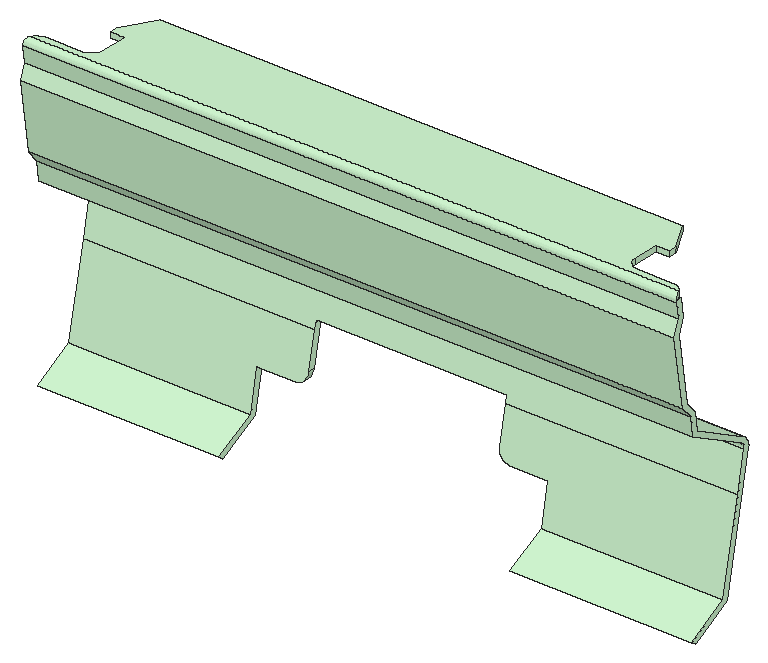
Revit family "spacer_ws90", category 機械設備, Revit 2022
Family settings
  丸型コネクタ寸法 = 直径を使用
  種別 = なし
  パーツ タイプ = 標準
  作業面ベース = いいえ
  常に垂直 = はい
  ロード時にボイドで切り取り = いいえ
  注釈の向きを維持 = いいえ
  共有 = いいえ
  部屋計算ポイント = いいえ
Parameters
  製造元 = "株式会社桐井製作所"
  既定の高さ = 0 mm
  URL = "https://www.kirii.co.jp/"
  K_材質 = "SGCCまたはSGHC　一般用"
  K_品名 = "WS-90スペーサー"
  K_名称 = "スペーサー"
  K_単位質量(kg/個) = 0.036
  K_入数 = "500"
  K_バージョン情報 = "20210524"
  K_めっき付着量 = "Z12"
  K_JIS規格 = "JIS G 3302"
  K_JIS外 [instance] = not(K_JIS)  # no
  K_JIS [instance] = yes
Reference planes
  plane 1 "中心(正面/背面)": y = 0
  plane 2: z = 0
  plane 3 "中心(左/右)": x = 0
Forms (mm)
  Extrusion 1, solid
    sketch origin (0, 0, 0) x (0, 0.987688, 0.156434) y (0, -0.156434, 0.987688)
      loop
        line (0, 0) -> (-10.631, 1.684)
        arc (-10.631, 1.684) -> (-11.276, 1.502) -> (-11.556, 0.894) r 0.8
        line (-11.556, 0.894) -> (-11.556, -1.17) -> (-12.556, -2.902) -> (-12.556, -11.902) -> (-11.556, -13.634) -> (-11.556, -16.134) -> (-4.458, -21.483)
        arc (-4.458, -21.483) -> (-4.17, -21.901) -> (-4.193, -22.408) r 0.8
        line (-4.193, -22.408) -> (-5.984, -27.075) -> (-10.062, -37.698) -> (-15.555, -39.59) -> (-14.96, -40.126) -> (-12.168, -39.164) -> (-9.525, -38.253) -> (-3.539, -22.659)
        arc (-3.539, -22.659) -> (-3.498, -21.708) -> (-4.037, -20.923) r 1.5
        line (-4.037, -20.923) -> (-10.856, -15.785) -> (-10.856, -13.446) -> (-11.856, -11.714) -> (-11.856, -3.089) -> (-10.856, -1.357) -> (-10.856, 1.011) -> (0.274, -0.752) -> (0, 0)
    from -42.5 to 42.5
  Extrusion 2, void
    sketch origin (0, 0, 0) x (1, 0, 0) y (0, 1, 0)
      loop
        line (-43.289, 0.662) -> (-43.289, -11.947) -> (-42.5, -11.947)
        arc (-42.5, -11.947) -> (-41.914, -10.533) -> (-40.5, -9.947) r 2
        line (-40.5, -9.947) -> (-36.05, -9.947)
        arc (-36.05, -9.947) -> (-34.989, -9.508) -> (-34.55, -8.447) r 1.5
        line (-34.55, -8.447) -> (-34.55, -4.947) -> (-36.3, -4.947) -> (-36.3, -3.947) -> (-34, 0.053) -> (34, 0.053) -> (36.3, -3.947) -> (36.3, -4.947) -> (34.55, -4.947) -> (34.55, -8.447)
        arc (34.55, -8.447) -> (34.989, -9.508) -> (36.05, -9.947) r 1.5
        line (36.05, -9.947) -> (40.5, -9.947)
        arc (40.5, -9.947) -> (41.914, -10.533) -> (42.5, -11.947) r 2
        line (42.5, -11.947) -> (43.324, -11.947) -> (43.324, 0.662) -> (-43.289, 0.662)
    from -0.7 to 0
  Extrusion 3, void
    sketch origin (0, 0, 0) x (1, 0, 0) y (0, 0, 1)
      loop
        line (-18.9, -48.094) -> (18.9, -48.094) -> (18.9, -33.699) -> (13.9, -33.699)
        arc (13.9, -33.699) -> (12.839, -33.26) -> (12.4, -32.199) r 1.5
        line (12.4, -32.199) -> (12.4, -26.699) -> (-12.4, -26.699) -> (-12.4, -32.199)
        arc (-12.4, -32.199) -> (-12.839, -33.26) -> (-13.9, -33.699) r 1.5
        line (-13.9, -33.699) -> (-18.9, -33.699) -> (-18.9, -48.094)
    from 0.317 to 9.424
Cuts and joins
  Extrusion 2, Extrusion 3 cuts Extrusion 1
Dimensions and locks
  aligned and locked: level to plane 2
